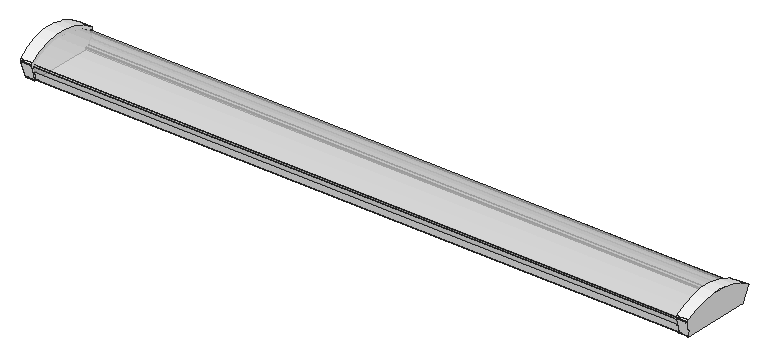
Revit family "0042941", category Lighting Fixtures, host Face, Revit 2023
Family settings
  Host = Face
  Round Connector Dimension = Use Diameter
  Part Type = Normal
  OmniClass Number = 23.80.70.00
  OmniClass Title = Lighting
  Cut with Voids When Loaded = No
  Light Source = Yes
  Maintain Annotation Orientation = No
  Shared = No
  Room Calculation Point = No
Parameters (values of type "DELTAWING 1500 4K MW")
  Weight = "2.625 kg"
  Wattage Comments = ""
  Wattage = 55 W
  WarrantyStartDate [instance] = "n/a"
  WarrantyGuarantorParts = "n/a"
  WarrantyDurationUnit = "Years"
  WarrantyDurationParts = "5"
  WarrantyDescription = "http://www.sylvania-group.com"
  built-in parameter 1150110 = 1 (stored number, unit not read)
  Voltage = 230 V
  URL = "http://www.sylvania-group.com"
  TypeName = "Deltawing G2 1500"
  Type Image = <None>
  Type IFC Predefined Type = "IfcLightFixtureType"
  Type Comments = "n/a"
  built-in parameter 1114217 = 1 (stored number, unit not read)
  Tilt Angle = -90.00°
  built-in parameter 1150109 = 1 (stored number, unit not read)
  built-in parameter 1150134 = 12
  built-in parameter 1150113 = 1 (stored number, unit not read)
  SerialNumber [instance] = "n/a"
  Photometric Web File = "0042941.IES"
  Material_3_SYL = Polycarbonate_Opal_4000K
  PowerFactor = 0.9
  PowerConsumption = "55 W"
  NominalLength = 1440 mm
  NominalHeight = 60 mm  # constant formula
  NominalDepth = 160 mm  # constant formula
  Name = "DELTAWING 1500 4K MW"
  ModelReference = Name  # "DELTAWING 1500 4K MW"
  ModelNumber = "0042941"
  Model = Name  # "DELTAWING 1500 4K MW"
  Material = "PC Polycarbonate, Steel"
  ManufacturerName = Manufacturer  # "Feilo Sylvania"
  Manufacturer = "Feilo Sylvania"
  LuminousEfficacy = "135 lm/W"
  built-in parameter 1150105 = 2338.4 (stored number, unit not read)
  Lumens = 7425 lm
  LuminaireType = "Ceiling surface mounting,Wall surface mounted"
  built-in parameter 1150115 = 1 (stored number, unit not read)
  LightOutputRatio = ""
  built-in parameter 1150137 = (empty or 0)
  built-in parameter 1150139 = (empty or 0)
  LampsType = Lamp  # "LED"
  LampNominalLuminous = "7400 lm"
  LampMacAdamStep = "3"
  LampColourTemperature = "4000 K"
  LampColourRenderingIndex = "80"
  built-in parameter 1150112 = 1 (stored number, unit not read)
  built-in parameter 1150114 = 1 (stored number, unit not read)
  Lamp = "LED"
  Keynote = "16500"
  InstallationDate [instance] = "n/a"
  InputVoltage = "220-240 V"
  InputNominalFrequency = "50/60Hz"
  built-in parameter 1150132 = (empty or 0)
  built-in parameter 1150102 = (empty or 0)
  built-in parameter 1150107 = 4000 (stored number, unit not read)
  built-in parameter 1150138 = (empty or 0)
  IngressProtection = "IP44"
  ImpactProtectionIndex = "IK06"
  built-in parameter 1150106 = 23.384 (stored number, unit not read)
  IfcExportType = "IfcLightFixtureType"
  IfcExportAs = "IfcLightFixtureType"
  Export Type to IFC As = "IfcLightFixtureType"
  Emit from Rectangle Width = NominalDepth - 10 mm  # 150 mm
  Emit from Rectangle Length = NominalLength - (2 mm * 29)  # 1382 mm
  Emit Shape Visible in Rendering = no
  EmergencyLight = no
  ElectricShockClassification = "Class I"
  built-in parameter 1150104 = 12.542 (stored number, unit not read)
  DocumentationLiterature = "https://www.sylvania-lighting.com/product/en-int/products/item code/0042941"
  DimmingControlOptions = "N/A"
  Material_2_SYL = Polycarbonate_RAL9003_White
  Dimming Lamp Color Temperature Shift = <None>
  Description = "DELTAWING 1500 4K MW is a ceiling and wall surface, suspended LED luminaire with opal diffuser, 1440x160x60mm dimensions, 55W system power, 7,400lm flux and 135lm/W efficacy, CRi (Ra) >80, 4000K (Neutral White) CCT, chromaticity tolerance of 3-step MacAdam ellipse, non-dimmable driver with built-in MW sensor, RAL9003 finishing, L70B50 100khrs / L80B50 80khrs lifespan, IK06 impact resistance, IP44 ingress protection rating (in ceiling surface installation), Electrial protection Class I, Glow wire test 850°C."
  Default Elevation = 1219.2 mm
  CreatedOn = "25/09/2024"
  CreatedBy = "petra.pavlicz@sylvania-lighting.com"
  Cost = 0
  Color Filter = 16777215
  built-in parameter 1114216 [instance] = (empty or 0)
  ClassificationValue = "EF_70_80"
  ClassificationName = "Uniclass2015"
  Material_1_SYL = Steel_RAL9003_White
  BarCode [instance] = "n/a"
  built-in parameter 1114218 = 1 (stored number, unit not read)
  built-in parameter 1150133 = 10 (stored number, unit not read)
  AssetType = "Fixed"
  AssetIdentifier [instance] = "n/a"
  Assembly Code = "D5020200"
  Material_4_SYL = none
  Apparent Load = 61.1 VA
Reference planes
  plane 1 "Center (Front/Back)": y = 0
  plane 2 "Bottom": z = 0
  plane 3 "Center (Left/Right)": x = 0
  plane 4 "Back": y = 80
  plane 5 "Front": y = -80
  plane 6 "Left": x = -720
  plane 7 "Right": x = 720
  plane 8: x = 264.5
  plane 9 "Cap left": x = -691
  plane 10 "Cap right": x = 691
  plane 11 "Body top": z = 22
  plane 12 "Top": z = 60
Forms (mm)
  Extrusion 1, solid, material "Polycarbonate_RAL9003_White" <- "Material_2_SYL"
    sketch origin (0, 0, 0) x (0, 1, 0) y (0, 0, 1)
      loop
        arc (78.9, 36.72) -> (0, 62.912) -> (-78.9, 36.72) r 131.933
        arc (-78.9, 36.72) -> (-80.262, 35.303) -> (-81.093, 33.522) r 6.006
        arc (-81.093, 33.522) -> (-81.203, 32.715) -> (-81.093, 31.909) r 2.998
        line (-81.093, 31.909) -> (-72.433, 0.732)
        arc (-72.433, 0.732) -> (-72.074, 0.204) -> (-71.469, 0) r 1
        line (-71.469, 0) -> (71.469, 0)
        arc (71.469, 0) -> (72.074, 0.204) -> (72.433, 0.732) r 1
        line (72.433, 0.732) -> (81.093, 31.909)
        arc (81.093, 31.909) -> (81.203, 32.715) -> (81.093, 33.522) r 2.998
        arc (81.093, 33.522) -> (80.262, 35.303) -> (78.9, 36.72) r 6.006
    from 691 to 720
  Extrusion 2, solid, material "Polycarbonate_RAL9003_White" <- "Material_2_SYL"
    sketch origin (0, 0, 0) x (0, 1, 0) y (0, 0, -1)
      loop
        arc (78.9, -36.72) -> (80.262, -35.303) -> (81.093, -33.522) r 6.006
        arc (81.093, -33.522) -> (81.203, -32.715) -> (81.093, -31.909) r 2.998
        line (81.093, -31.909) -> (72.433, -0.732)
        arc (72.433, -0.732) -> (72.074, -0.204) -> (71.469, 0) r 1
        line (71.469, 0) -> (-71.469, 0)
        arc (-71.469, 0) -> (-72.074, -0.204) -> (-72.433, -0.732) r 1
        line (-72.433, -0.732) -> (-81.093, -31.909)
        arc (-81.093, -31.909) -> (-81.203, -32.715) -> (-81.093, -33.522) r 2.998
        arc (-81.093, -33.522) -> (-80.262, -35.303) -> (-78.9, -36.72) r 6.006
        arc (-78.9, -36.72) -> (0, -62.912) -> (78.9, -36.72) r 131.933
    from 691 to 720
  Extrusion 3, solid, material "Polycarbonate_Opal_4000K" <- "Material_3_SYL"
    sketch origin (0, 0, 0) x (0, 1, 0) y (0, 0, 1)
      loop
        arc (-76.224, 31.506) -> (-77.363, 29.839) -> (-77.21, 27.825) r 3.048
        line (-77.21, 27.825) -> (-69.466, 0.817) -> (-61.986, 0.817) -> (-60.994, 4.521) -> (-60.994, 6) -> (-69.591, 6) -> (-75.893, 28.687)
        arc (-75.893, 28.687) -> (-75.707, 29.707) -> (-75.049, 30.508) r 2.061
        arc (-75.049, 30.508) -> (0, 54.886) -> (75.049, 30.508) r 127.709
        arc (75.049, 30.508) -> (75.707, 29.707) -> (75.893, 28.687) r 2.061
        line (75.893, 28.687) -> (69.591, 6) -> (60.994, 6) -> (60.994, 4.521) -> (61.986, 0.817) -> (69.466, 0.817) -> (77.21, 27.825)
        arc (77.21, 27.825) -> (77.363, 29.839) -> (76.224, 31.506) r 3.048
        arc (76.224, 31.506) -> (0, 56.5) -> (-76.224, 31.506) r 128.727
    from -691 to 691
  Extrusion 4, solid, material "Steel_RAL9003_White" <- "Material_1_SYL"
    sketch origin (0, 0, 0) x (0, 1, 0) y (0, 0, 1)
      loop
        line (-75.289, 17.92) -> (-70.492, 0.652)
        arc (-70.492, 0.652) -> (-70.134, 0.124) -> (-69.529, -0.08) r 1
        line (-69.529, -0.08) -> (69.529, -0.08)
        arc (69.529, -0.08) -> (70.134, 0.124) -> (70.492, 0.652) r 1
        line (70.492, 0.652) -> (75.289, 17.92) -> (74.518, 18.134) -> (69.762, 1.013)
        arc (69.762, 1.013) -> (69.511, 0.643) -> (69.088, 0.5) r 0.7
        line (69.088, 0.5) -> (-69.088, 0.5)
        arc (-69.088, 0.5) -> (-69.511, 0.643) -> (-69.762, 1.013) r 0.7
        line (-69.762, 1.013) -> (-74.518, 18.134) -> (-75.289, 17.92)
    from -691 to 691
  Extrusion 5, void
    sketch origin (0, 0, 0) x (1, 0, 0) y (0, 0, 1)
      loop
        line (-719.874, 62.115) -> (-725.036, 62.115) -> (-725.036, 0) -> (-710.036, 0) -> (-719.874, 62.115)
    from -107.497 to 104.736
  Extrusion 6, void
    sketch origin (0, 0, 0) x (-1, 0, 0) y (0, 0, -1)
      loop
        line (-719.874, -62.115) -> (-710.036, 0) -> (-725.036, 0) -> (-725.036, -62.115) -> (-719.874, -62.115)
    from -107.497 to 104.736
Cuts and joins
  Extrusion 5, Extrusion 6 cuts Extrusion 2
  Extrusion 6 cuts Extrusion 1
Dimensions and locks
  "NominalDepth": plane 4 "Back" to plane 5 "Front"
  equal spacing: plane 4 "Back", plane 1 "Center (Front/Back)", plane 5 "Front"
  "NominalLength": plane 6 "Left" to plane 7 "Right"
  equal spacing: plane 6 "Left", plane 3 "Center (Left/Right)", plane 7 "Right"
  "NominalHeight": plane 12 "Top" to plane 2 "Bottom"
  locked: plane 6 "Left" to plane 9 "Cap left" at 29
  locked: plane 10 "Cap right" to plane 7 "Right" at 29
  aligned and locked: plane 2 "Bottom" to host face
  aligned and locked: level to host face
  aligned and locked: plane 7 "Right" to Extrusion 1
  aligned and locked: Extrusion 1 to plane 10 "Cap right"
  aligned and locked: Extrusion 2 to plane 6 "Left"
  aligned and locked: plane 9 "Cap left" to Extrusion 2
  aligned and locked: plane 10 "Cap right" to Extrusion 3
  aligned and locked: Extrusion 3 to plane 9 "Cap left"
  aligned and locked: Extrusion 4 to plane 9 "Cap left"
  aligned and locked: plane 10 "Cap right" to Extrusion 4
  aligned and locked: plane 11 "Body top" to imposter light
Automatic sketch dimensions
  host sketch curve to host sketch curve = 2438.4 mm  (x2)
  Extrusion 1 sketch curve to level = 0 mm
  Extrusion 1 sketch curve to plane 1 "Center (Front/Back)" = 0 mm
  level to Extrusion 1 sketch curve = 1 mm
  plane 5 "Front" to Extrusion 1 sketch curve = 8.531 mm
  level to Extrusion 1 sketch curve = 0.732 mm  (x2)
  plane 5 "Front" to Extrusion 1 sketch curve = 4.692 mm
  plane 5 "Front" to Extrusion 1 sketch curve = 1.795 mm
  Extrusion 1 sketch curve to plane 4 "Back" = 8.531 mm
  Extrusion 1 sketch curve to Extrusion 1 sketch curve = 0.963 mm
  Extrusion 1 sketch curve to plane 4 "Back" = 4.692 mm
  Extrusion 1 sketch curve to plane 4 "Back" = 1.795 mm
  plane 4 "Back" to Extrusion 1 sketch curve = 1.093 mm
  Extrusion 1 sketch curve to level = 69.021 mm
  plane 11 "Body top" to Extrusion 1 sketch curve = 9.906 mm  (x2)
  Extrusion 1 sketch curve to Extrusion 1 sketch curve = 0.002 mm
  Extrusion 1 sketch curve to Extrusion 1 sketch curve = 0.807 mm
  Extrusion 1 sketch curve to Extrusion 1 sketch curve = 0.809 mm
  plane 5 "Front" to Extrusion 1 sketch curve = 1.1 mm
  Extrusion 1 sketch curve to Extrusion 1 sketch curve = 0 mm  (x3)
  Extrusion 1 sketch curve to plane 5 "Front" = 1.093 mm
  Extrusion 1 sketch curve to Extrusion 1 sketch curve = 0.001 mm
  Extrusion 1 sketch curve to Extrusion 1 sketch curve = 0.003 mm
  level to Extrusion 2 sketch curve = 0 mm
  Extrusion 2 sketch curve to plane 1 "Center (Front/Back)" = 0 mm
  level to Extrusion 2 sketch curve = 1 mm
  plane 5 "Front" to Extrusion 2 sketch curve = 8.531 mm
  level to Extrusion 2 sketch curve = 0.732 mm  (x2)
  plane 5 "Front" to Extrusion 2 sketch curve = 4.692 mm
  plane 5 "Front" to Extrusion 2 sketch curve = 1.795 mm
  Extrusion 2 sketch curve to plane 4 "Back" = 8.531 mm
  Extrusion 2 sketch curve to Extrusion 2 sketch curve = 0.963 mm
  Extrusion 2 sketch curve to plane 4 "Back" = 4.692 mm
  Extrusion 2 sketch curve to plane 4 "Back" = 1.795 mm
  plane 4 "Back" to Extrusion 2 sketch curve = 1.093 mm
  plane 11 "Body top" to Extrusion 2 sketch curve = 9.906 mm  (x2)
  Extrusion 2 sketch curve to Extrusion 2 sketch curve = 0.002 mm
  Extrusion 2 sketch curve to Extrusion 2 sketch curve = 0.807 mm
  Extrusion 2 sketch curve to Extrusion 2 sketch curve = 0.809 mm
  Extrusion 2 sketch curve to level = 69.021 mm
  plane 5 "Front" to Extrusion 2 sketch curve = 1.1 mm
  Extrusion 2 sketch curve to Extrusion 2 sketch curve = 0 mm  (x3)
  Extrusion 2 sketch curve to plane 5 "Front" = 1.093 mm
  Extrusion 2 sketch curve to Extrusion 2 sketch curve = 0.001 mm
  Extrusion 2 sketch curve to Extrusion 2 sketch curve = 0.003 mm
  Extrusion 3 sketch curve to plane 1 "Center (Front/Back)" = 0 mm  (x2)
  level to Extrusion 3 sketch curve = 4.521 mm  (x2)
  plane 5 "Front" to Extrusion 3 sketch curve = 19.006 mm
  level to Extrusion 3 sketch curve = 0.817 mm  (x2)
  Extrusion 3 sketch curve to Extrusion 3 sketch curve = 0.993 mm  (x2)
  Extrusion 3 sketch curve to Extrusion 3 sketch curve = 7.479 mm  (x2)
  Extrusion 3 sketch curve to Extrusion 3 sketch curve = 0.125 mm  (x2)
  plane 5 "Front" to Extrusion 3 sketch curve = 6.163 mm
  Extrusion 3 sketch curve to Extrusion 3 sketch curve = 0.582 mm  (x2)
  Extrusion 3 sketch curve to Extrusion 3 sketch curve = 1.474 mm  (x2)
  Extrusion 3 sketch curve to Extrusion 3 sketch curve = 1.317 mm  (x2)
  Extrusion 3 sketch curve to plane 4 "Back" = 19.006 mm
  Extrusion 3 sketch curve to plane 4 "Back" = 6.163 mm
  Extrusion 3 sketch curve to level = 72.227 mm
  Extrusion 3 sketch curve to Extrusion 3 sketch curve = 0.596 mm
  Extrusion 3 sketch curve to Extrusion 3 sketch curve = 5.183 mm
  Extrusion 3 sketch curve to Extrusion 3 sketch curve = 1.479 mm
  plane 11 "Body top" to Extrusion 3 sketch curve = 5.825 mm  (x2)
  Extrusion 3 sketch curve to Extrusion 3 sketch curve = 0.862 mm  (x2)
  Extrusion 3 sketch curve to Extrusion 3 sketch curve = 0.153 mm  (x2)
  Extrusion 3 sketch curve to Extrusion 3 sketch curve = 0.21 mm  (x2)
  Extrusion 3 sketch curve to Extrusion 3 sketch curve = 0 mm  (x2)
  plane 5 "Front" to Extrusion 4 sketch curve = 4.711 mm
  Extrusion 4 sketch curve to Extrusion 4 sketch curve = 0.771 mm
  level to Extrusion 4 sketch curve = 0.652 mm  (x2)
  plane 5 "Front" to Extrusion 4 sketch curve = 9.508 mm
  level to Extrusion 4 sketch curve = 1.013 mm  (x2)
  Extrusion 4 sketch curve to Extrusion 4 sketch curve = 0.73 mm  (x2)
  Extrusion 4 sketch curve to Extrusion 4 sketch curve = 0.233 mm  (x2)
  level to Extrusion 4 sketch curve = 0.5 mm
  Extrusion 4 sketch curve to Extrusion 4 sketch curve = 0.441 mm  (x2)
  Extrusion 4 sketch curve to plane 4 "Back" = 10.912 mm
  Extrusion 4 sketch curve to plane 4 "Back" = 5.482 mm
  Extrusion 4 sketch curve to plane 11 "Body top" = 4.08 mm
  Extrusion 4 sketch curve to level = 0.08 mm
  Extrusion 5 sketch curve to level = 0 mm
  Extrusion 5 sketch curve to plane 6 "Left" = 5.036 mm
  plane 6 "Left" to Extrusion 5 sketch curve = 0.126 mm
  plane 6 "Left" to Extrusion 5 sketch curve = 9.964 mm
  plane 12 "Top" to Extrusion 5 sketch curve = 2.115 mm
  Extrusion 6 sketch curve to level = 0 mm
  plane 7 "Right" to Extrusion 6 sketch curve = 5.036 mm
  Extrusion 6 sketch curve to plane 7 "Right" = 0.126 mm
  Extrusion 6 sketch curve to plane 7 "Right" = 9.964 mm
  plane 12 "Top" to Extrusion 6 sketch curve = 2.115 mm
Connectors
  electrical at (0, 0, 0), driven by "Apparent Load", driven by "PowerFactor", driven by "Voltage"
    settings: index 1, voltage 230 V, apparent load 61.1 VA, apparent load phase1 0 VA, apparent load phase2 0 VA, apparent load phase3 0 VA, power factor 0.9, load classification "Lighting", number of poles 1, system type 30, power factor state 1, is connector primary yes, connector utility no, sub classification motor no, connector description ""
